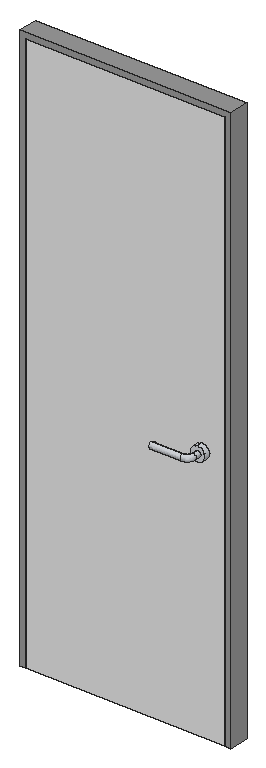
Revit family "- Armonia", category Doors, host Wall, Revit 2018
Family settings
  Host = Wall
  OmniClass Number = 23.30.10.00
  OmniClass Title = Doors
  Always vertical = Yes
  Cut with Voids When Loaded = No
  Shared = No
  Room Calculation Point = No
Parameters (values of type "- 70 x 200 cm")
  Set de Marcos = ""
  Relleno = ""
  Material Marco = - Perfil Aluminio
  Material Hoja = - HDF Prefinish
  Manilla = - Manilla
  Hojas = "Simple de Abatir"
  Function = Interior
  Frame Projection Ext. = 2.50 cm
  Frame Projection Int. = 2.50 cm
  Frame Width = 7.50 cm
  Height = 200.00 cm
  Wall Closure = By host
  Width = 74.00 cm
  Distancia a Cara Interior = 6.00 cm
  Bisagras = ""
  Ancho Hoja = Width - 4.00 cm  # 70.00 cm
  Ancho = Width  # 74.00 cm
  Analytic Construction = "<None>"
  Alto = Height  # 200.00 cm
Types (12, lengths in cm): name | Material Hoja | Height | Width | Ancho Hoja | Ancho | Alto
  - 70 x 200 cm | - HDF Prefinish | 200.00 | 74.00 | 70.00 | 74.00 | 200.00
  - 75 x 200 cm | none | 200.00 | 79.00 | 75.00 | 79.00 | 200.00
  - 80 x 200 cm | none | 200.00 | 84.00 | 80.00 | 84.00 | 200.00
  - 85 x 200 cm | none | 200.00 | 89.00 | 85.00 | 89.00 | 200.00
  - 90 x 200 cm | none | 200.00 | 94.00 | 90.00 | 94.00 | 200.00
  -100 x 200 cm | none | 200.00 | 104.00 | 100.00 | 104.00 | 200.00
  - 70 x 210 cm | none | 210.00 | 74.00 | 70.00 | 74.00 | 210.00
  - 75 x 210 cm | none | 210.00 | 79.00 | 75.00 | 79.00 | 210.00
  - 80 x 210 cm | none | 210.00 | 84.00 | 80.00 | 84.00 | 210.00
  - 85 x 210 cm | none | 210.00 | 89.00 | 85.00 | 89.00 | 210.00
  - 90 x 210 cm | - HDF Prefinish | 210.00 | 94.00 | 90.00 | 94.00 | 210.00
  - 100 x 210 cm | - HDF Siena | 210.00 | 104.00 | 100.00 | 104.00 | 210.00
Reference planes (cm)
  plane 1: y = 0
  plane 2 "Center (Left/Right)": x = 0
  plane 3 "Left": x = -37
  plane 4 "Right": x = 37
  plane 5: z = 200
  plane 6 "Exterior": y = 7.5
  plane 7 "Interior": y = -7.5
  plane 8: y = -1.5
  plane 9: z = 198
  plane 10: x = -35
  plane 11: x = 35
Forms (cm)
  Sweep 1, solid, material "- Perfil Aluminio" <- "Material Marco"
    path origin (0, 7.5, 0) x (1, 0, 0) y (0, 0, 1)
      loop
        line (37, 0) -> (37, 200) -> (-37, 200) -> (-37, 0)
    profile origin (37, 7.5, 100) x (-1, 0, 0) y (0, -1, 0)
      loop
        line (0, 2) -> (3, 2) -> (3, 4.3) -> (2, 4.3) -> (2, 9) -> (0, 9) -> (0, 2)
  Extrusion 2, solid, material "- HDF Prefinish" <- "Material Hoja"
    sketch origin (0, 0, 0) x (1, 0, 0) y (0, 1, 0)
      loop
        line (-35, -1.5) -> (35, -1.5) -> (35, 3) -> (-35, 3) -> (-35, -1.5)
    from 0 to 198
  Sweep 3, solid, material "- Manilla" <- "Manilla", not visible
    path origin (5.8483, -7.5601, 0) x (1, 0, 0) y (0, 1, 0)
      loop
        line (22.1517, 15.0613) -> (32.1517, 15.0613)
        arc (32.1517, 15.0613) -> (33.5659, 14.4756) -> (34.1517, 13.0613) r 2
        line (34.1517, 13.0613) -> (34.1517, 11.0613)
    profile origin (33, 7.5012, 0) x (0, 1, 0) y (0, 0, 1)
      loop
        circle (0, 90) r 1
  Extrusion 4, solid, material "- Manilla" <- "Manilla", not visible
    sketch origin (0, 7.5, 0) x (1, 0, 0) y (0, 0, 1)
      loop
        circle (40, 90) r 2.5
    from 3.9988 to 5
Lines and regions (cm)
  Opening 1
    outline origin (-305, -7.5, 0) x (1, 0, 0) y (0, 0, 1)
      loop
        line (268, 0) -> (342, 0) -> (342, 200) -> (268, 200) -> (268, 0)
  symbolic lines, style "Elevation Swing"
    curve 1: line (37, -7.5, 100) -> (-37, -7.5, 200)
    curve 2: line (37, -7.5, 100) -> (-37, -7.5, 0)
    curve 7: arc (-30.5, -71.5, 0) -> (16.4351, -49.6961, 0) -> (35.2887, -1.5001, 0) r 69.4994
  symbolic lines
    curve 3: line (-35, -1.5, 0) -> (-35, -71.5, 0)
    curve 4: line (-30.5, -1.5, 0) -> (-35, -1.5, 0)
    curve 5: line (-30.5, -71.5, 0) -> (-30.5, -1.5, 0)
    curve 6: line (-35, -71.5, 0) -> (-30.5, -71.5, 0)
  model lines, not visible
    curve 8: line (-20, 3, 25) -> (20, 3, 25)
    curve 9: line (-20, 3, 65) -> (-20, 3, 25)
    curve 10: line (20, 3, 65) -> (8.6603, 3, 65)
    curve 11: line (20, 3, 25) -> (20, 3, 65)
    curve 12: line (-20, 3, 75) -> (-8.6603, 3, 75)
    curve 13: line (-20, 3, 75) -> (-20, 3, 169.9666)
    curve 14: line (20, 3, 75) -> (20, 3, 169.9666)
    curve 15: arc (-8.6603, 3, 65) -> (0, 3, 60) -> (8.6603, 3, 65) r 10
    curve 16: line (8.6603, 3, 75) -> (20, 3, 75)
    curve 17: line (-8.6603, 3, 65) -> (-20, 3, 65)
    curve 18: arc (8.6603, 3, 75) -> (0, 3, 80) -> (-8.6603, 3, 75) r 10
    curve 19: arc (14.9666, 3, 175) -> (0, 3, 183) -> (-14.9666, 3, 175) r 18
    curve 20: arc (-20, 3, 169.9666) -> (-16.4409, 3, 171.4409) -> (-14.9666, 3, 175) r 5.0334
    curve 21: arc (14.9666, 3, 175) -> (16.4409, 3, 171.4409) -> (20, 3, 169.9666) r 5.0334
    curve 22: line (-9.2195, 3, 64) -> (-19, 3, 64)
    curve 23: line (-19, 3, 64) -> (-19, 3, 26)
    curve 24: arc (9.2195, 3, 64) -> (0, 3, 59) -> (-9.2195, 3, 64) r 11
    curve 25: line (19, 3, 64) -> (9.2195, 3, 64)
    curve 26: line (19, 3, 26) -> (19, 3, 64)
    curve 27: line (-19, 3, 26) -> (19, 3, 26)
    curve 28: line (-18.9928, 3, 168.9932) -> (-18.9928, 3, 76)
    curve 29: arc (-13.9941, 3, 174.9045) -> (-15.4113, 3, 171.0338) -> (-18.9928, 3, 168.9932) r 5.9946
    curve 30: arc (13.9971, 3, 174.7848) -> (0.0327, 3, 182.1538) -> (-13.9941, 3, 174.9045) r 17.0542
    curve 31: arc (19, 3, 169.1276) -> (15.4988, 3, 171.072) -> (13.9971, 3, 174.7848) r 6.0089
    curve 32: line (19, 3, 76) -> (19, 3, 169.1276)
    curve 33: line (9.2195, 3, 76) -> (19, 3, 76)
    curve 34: arc (-9.2195, 3, 76) -> (0, 3, 81) -> (9.2195, 3, 76) r 11
    curve 35: line (-18.9928, 3, 76) -> (-9.2195, 3, 76)
    curve 36: arc (12.052, 3, 174.0667) -> (0.0498, 3, 180.1537) -> (-12.0243, 3, 174.2107) r 15.0542
    curve 37: arc (-12.0243, 3, 174.2107) -> (-13.561, 3, 170.1508) -> (-16.9928, 3, 167.4925) r 7.9946
    curve 38: line (-16.9928, 3, 167.4925) -> (-16.9928, 3, 78)
    curve 39: line (17, 3, 78) -> (17, 3, 167.6269)
    curve 40: arc (17, 3, 167.6269) -> (13.6492, 3, 170.1731) -> (12.052, 3, 174.0667) r 8.0089
    curve 41: line (-16.9928, 3, 78) -> (-10.247, 3, 78)
    curve 42: arc (-10.247, 3, 78) -> (0, 3, 83) -> (10.247, 3, 78) r 13
    curve 43: line (10.247, 3, 78) -> (17, 3, 78)
    curve 44: line (-10.247, 3, 62) -> (-17, 3, 62)
    curve 45: arc (10.247, 3, 62) -> (0, 3, 57) -> (-10.247, 3, 62) r 13
    curve 46: line (17, 3, 62) -> (10.247, 3, 62)
    curve 47: line (17, 3, 28) -> (17, 3, 62)
    curve 48: line (-17, 3, 28) -> (17, 3, 28)
    curve 49: line (-17, 3, 62) -> (-17, 3, 28)
    curve 50: line (-314, -1.5, 25) -> (-274, -1.5, 25)
    curve 51: line (-314, -1.5, 65) -> (-314, -1.5, 25)
    curve 52: line (-274, -1.5, 25) -> (-274, -1.5, 65)
    curve 53: line (-314, -1.5, 70) -> (-274, -1.5, 70)
    curve 54: line (-314, -1.5, 70) -> (-314, -1.5, 87)
    curve 55: line (-274, -1.5, 70) -> (-274, -1.5, 87)
    curve 56: line (-274, -1.5, 65) -> (-314, -1.5, 65)
    curve 57: line (-275, -1.5, 64) -> (-313, -1.5, 64)
    curve 58: line (-313, -1.5, 64) -> (-313, -1.5, 26)
    curve 59: line (-275, -1.5, 26) -> (-275, -1.5, 64)
    curve 60: line (-313, -1.5, 26) -> (-275, -1.5, 26)
    curve 61: line (-312.9928, -1.5, 86) -> (-312.9928, -1.5, 71)
    curve 62: line (-275, -1.5, 71) -> (-275, -1.5, 86)
    curve 63: line (-312.9928, -1.5, 71) -> (-275, -1.5, 71)
    curve 64: line (-310.9928, -1.5, 84) -> (-310.9928, -1.5, 73)
    curve 65: line (-277, -1.5, 73) -> (-277, -1.5, 84)
    curve 66: line (-310.9928, -1.5, 73) -> (-277, -1.5, 73)
    curve 67: line (-277, -1.5, 62) -> (-311, -1.5, 62)
    curve 68: line (-277, -1.5, 28) -> (-277, -1.5, 62)
    curve 69: line (-311, -1.5, 28) -> (-277, -1.5, 28)
    curve 70: line (-311, -1.5, 62) -> (-311, -1.5, 28)
    curve 71: line (-310.9928, -1.5, 84) -> (-277, -1.5, 84)
    curve 72: line (-314, -1.5, 87) -> (-274, -1.5, 87)
    curve 73: line (-312.9928, -1.5, 86) -> (-275, -1.5, 86)
    curve 74: line (-310.9928, -1.5, 84) -> (-277, -1.5, 84)
    curve 75: line (-314, -1.5, 97) -> (-274, -1.5, 97)
    curve 76: line (-314, -1.5, 185) -> (-314, -1.5, 97)
    curve 77: line (-274, -1.5, 97) -> (-274, -1.5, 185)
    curve 78: line (-274, -1.5, 185) -> (-314, -1.5, 185)
    curve 79: line (-275, -1.5, 184) -> (-313, -1.5, 184)
    curve 80: line (-313, -1.5, 184) -> (-313, -1.5, 98)
    curve 81: line (-275, -1.5, 98) -> (-275, -1.5, 184)
    curve 82: line (-313, -1.5, 98) -> (-275, -1.5, 98)
    curve 83: line (-277, -1.5, 182) -> (-311, -1.5, 182)
    curve 84: line (-277, -1.5, 100) -> (-277, -1.5, 182)
    curve 85: line (-311, -1.5, 100) -> (-277, -1.5, 100)
    curve 86: line (-311, -1.5, 182) -> (-311, -1.5, 100)
    curve 87: line (-320, 3, 25) -> (-280, 3, 25)
    curve 88: line (-320, 3, 65) -> (-320, 3, 25)
    curve 89: line (-280, 3, 25) -> (-280, 3, 65)
    curve 90: line (-320, 3, 72.5) -> (-280, 3, 72.5)
    curve 91: line (-280, 3, 65) -> (-320, 3, 65)
    curve 92: line (-281, 3, 64) -> (-319, 3, 64)
    curve 93: line (-319, 3, 64) -> (-319, 3, 26)
    curve 94: line (-281, 3, 26) -> (-281, 3, 64)
    curve 95: line (-319, 3, 26) -> (-281, 3, 26)
    curve 96: line (-319, 3, 73.5) -> (-281, 3, 73.5)
    curve 97: line (-317, 3, 75.5) -> (-283, 3, 75.5)
    curve 98: line (-283, 3, 62) -> (-317, 3, 62)
    curve 99: line (-283, 3, 28) -> (-283, 3, 62)
    curve 100: line (-317, 3, 28) -> (-283, 3, 28)
    curve 101: line (-317, 3, 62) -> (-317, 3, 28)
    curve 102: line (-320, 3, 179.3431) -> (-320, 3, 72.5)
    curve 103: line (-280, 3, 72.5) -> (-280, 3, 179.3431)
    curve 104: line (-319, 3, 178.3431) -> (-319, 3, 73.5)
    curve 105: line (-281, 3, 73.5) -> (-281, 3, 178.3431)
    curve 106: line (-283, 3, 75.5) -> (-283, 3, 176.3431)
    curve 107: line (-317, 3, 176.3431) -> (-317, 3, 75.5)
    curve 108: arc (-292, 3, 181) -> (-300, 3, 185) -> (-308, 3, 181) r 10
    curve 109: arc (-292, 3, 181) -> (-290.1648, 3, 179.7737) -> (-288, 3, 179.3431) r 5.6569
    curve 110: arc (-308, 3, 181) -> (-309.8352, 3, 179.7737) -> (-312, 3, 179.3431) r 5.6569
    curve 111: line (-288, 3, 179.3431) -> (-280, 3, 179.3431)
    curve 112: line (-312, 3, 179.3431) -> (-320, 3, 179.3431)
    curve 113: line (-281, 3, 178.3431) -> (-288, 3, 178.3431)
    curve 114: arc (-288, 3, 178.3431) -> (-290.5825, 3, 178.8645) -> (-292.7604, 3, 180.3468) r 6.6569
    curve 115: arc (-292.7604, 3, 180.3468) -> (-300, 3, 184) -> (-307.2396, 3, 180.3468) r 9
    curve 116: arc (-307.2396, 3, 180.3468) -> (-309.4175, 3, 178.8645) -> (-312, 3, 178.3431) r 6.6569
    curve 117: line (-312, 3, 178.3431) -> (-319, 3, 178.3431)
    curve 118: line (-283, 3, 176.3431) -> (-288, 3, 176.3431)
    curve 119: arc (-288, 3, 176.3431) -> (-291.43, 3, 177.0516) -> (-294.2985, 3, 179.0611) r 8.6569
    curve 120: arc (-294.2985, 3, 179.0611) -> (-300, 3, 182) -> (-305.7015, 3, 179.0611) r 7
    curve 121: arc (-305.7015, 3, 179.0611) -> (-308.57, 3, 177.0516) -> (-312, 3, 176.3431) r 8.6569
    curve 122: line (-312, 3, 176.3431) -> (-317, 3, 176.3431)
    curve 123: line (302, -1.5, 25) -> (342, -1.5, 25)
    curve 124: line (303, -1.5, 26) -> (341, -1.5, 26)
    curve 125: line (304.9998, -1.5, 28) -> (339.0011, -1.5, 28)
    curve 126: line (302, -1.5, 185) -> (302, -1.5, 25)
    curve 127: line (342, -1.5, 25) -> (342, -1.5, 185)
    curve 128: line (303, -1.5, 184) -> (303, -1.5, 26)
    curve 129: line (341, -1.5, 26) -> (341, -1.5, 184)
    curve 130: line (339.0011, -1.5, 28) -> (339.0011, -1.5, 182)
    curve 131: line (304.9998, -1.5, 182) -> (304.9998, -1.5, 28)
    curve 135: line (306, 3, 25) -> (346, 3, 25)
    curve 136: line (306, 3, 207) -> (306, 3, 0)
    curve 137: line (346, 3, 0) -> (346, 3, 207)
    curve 139: line (346, 3, 185) -> (306, 3, 185)
    curve 140: line (302, -1.5, 185) -> (342, -1.5, 185)
    curve 141: line (341, -1.5, 184) -> (303, -1.5, 184)
    curve 142: line (339.0011, -1.5, 182) -> (304.9998, -1.5, 182)
  model lines
    curve 132: line (-20, 3, 15) -> (20, 3, 15)
    curve 133: line (-20, 3, 197) -> (-20, 3, 0)
    curve 134: line (20, 3, 0) -> (20, 3, 197)
    curve 138: line (20, 3, 182) -> (-20, 3, 182)
    curve 143: line (6.6667, 3, 15) -> (6.6667, 3, 182)
    curve 144: line (-6.6667, 3, 15) -> (-6.6667, 3, 182)
    curve 145: line (-20, -1.5, 15) -> (20, -1.5, 15)
    curve 146: line (-20, -1.5, 198) -> (-20, -1.5, 0)
    curve 147: line (20, -1.5, 0) -> (20, -1.5, 198)
    curve 148: line (20, -1.5, 183) -> (-20, -1.5, 183)
    curve 149: line (6.6667, -1.5, 15) -> (6.6667, -1.5, 183)
    curve 150: line (-6.6667, -1.5, 15) -> (-6.6667, -1.5, 183)
Text (cm)
  text "Exterior" at (-229.5016, 109.9543, 0), in view "Ref. Level"
  text "Exterior" at (0, 161.538, 369.8081), in view "Left"
  text "Exterior" at (0, 103.6032, 387.4932), in view "Right"
Dimensions and locks (cm)
  equal spacing: plane 3 "Left", plane 2 "Center (Left/Right)", plane 4 "Right"
  "Width": plane 3 "Left" to plane 4 "Right"
  "Height": plane 5 to host wall
  equal spacing: host wall, curve 2, plane 5
  host wall to plane 5 = 200.00 cm
  locked: plane 6 "Exterior" to host wall at 0
  locked: plane 7 "Interior" to host wall
  "Distancia a Cara Interior": plane 7 "Interior" to plane 8
  locked: Sweep 1 sketch curve to Sweep 1 sketch curve at 7
  locked: plane 9 to plane 5 at 2
  locked: curve 3 to curve 5 at 4.5
  locked: plane 3 "Left" to plane 10 at 2
  locked: plane 11 to plane 4 "Right" at 2
  "Ancho Hoja": curve 6 to curve 4
  locked: Extrusion 2 sketch curve to Extrusion 2 sketch curve at 4.5
  locked: nested 1 to plane 4 "Right" at 10
  level to nested 1 = 90.00 cm
  locked: nested 2 to plane 4 "Right" at 10
  locked: nested 2 to level at 90
  locked: Sweep 1 sketch curve to Sweep 1 sketch curve at 2.3
  locked: plane 2 "Center (Left/Right)" to curve 133 at 20
  locked: curve 138 to Sweep 1 at 15
  locked: Extrusion 2 to curve 132 at 15
  curve 133 to curve 144 to curve 143 to curve 134 = 13.3333 cm locked, 13.3333 cm locked, 13.3333 cm locked
  Extrusion 2 to curve 148 = 15.00 cm
  locked: curve 145 to Extrusion 2 at 15
  equal spacing: curve 146, curve 150, curve 149, curve 147
  locked: curve 147 to plane 2 "Center (Left/Right)" at 20
  aligned and locked: plane 3 "Left" to Opening 1 sketch curve
  aligned and locked: plane 5 to Opening 1 sketch curve  (x2)
  aligned and locked: Opening 1 sketch curve to plane 4 "Right"
  aligned and locked: Opening 1 sketch curve to level
  aligned and locked: plane 5 to curve 1
  aligned and locked: plane 3 "Left" to curve 2
  aligned and locked: plane 1 to host wall
  aligned and locked: plane 3 "Left" to curve 1
  aligned and locked: plane 8 to Sweep 1 sketch curve
  aligned and locked: Extrusion 2 sketch curve to plane 8
  aligned and locked: Sweep 1 to level
  aligned and locked: plane 10 to curve 3
  aligned and locked: Sweep 3 to Extrusion 4
  aligned and locked: Extrusion 2 to plane 9
Automatic sketch dimensions
  plane 4 "Right" to curve 2 = 0.00 cm
  curve 2 to level = 0.00 cm
  plane 3 "Left" to Sweep 1 sketch curve = 0.00 cm
  plane 4 "Right" to Sweep 1 sketch curve = 0.00 cm
  Sweep 1 sketch curve to level = 0.00 cm  (x2)
  Sweep 1 sketch curve to plane 5 = 0.00 cm
  Sweep 1 sketch curve to profile plane = 0.00 cm
  Sweep 1 sketch curve to profile plane = 2.00 cm
  Sweep 1 sketch curve to Sweep 1 sketch curve = 1.00 cm
  Sweep 3 sketch curve to Sweep 3 sketch curve = 10.00 cm
  Sweep 3 sketch curve to Sweep 3 sketch curve = 2.00 cm  (x2)
  Sweep 3 sketch curve to profile plane = 0.00 cm
  profile plane to Sweep 3 sketch curve = 90.00 cm
  curve 15 to curve 18 = 0.00 cm  (x4)
  curve 15 to curve 24 = 0.00 cm  (x4)
  curve 15 to curve 34 = 0.00 cm  (x4)
  curve 15 to curve 42 = 0.00 cm  (x4)
  curve 15 to curve 45 = 0.00 cm  (x4)
  curve 29 to curve 37 = 0.00 cm  (x4)
  curve 30 to curve 36 = 0.00 cm  (x4)
  curve 31 to curve 40 = 0.00 cm  (x4)
  curve 8 to curve 31 = 0.00 cm
  curve 21 to curve 31 = 0.00 cm
  curve 14 to curve 32 = 1.00 cm
  curve 10 to curve 26 = 1.00 cm
  curve 26 to curve 47 = 2.00 cm
  curve 32 to curve 39 = 2.00 cm
  curve 46 to curve 46 = 6.753 cm
  curve 39 to curve 43 = 6.753 cm
  curve 42 to curve 33 = 1.0274 cm
  curve 45 to curve 25 = 1.0274 cm
  curve 33 to curve 16 = 0.5593 cm
  curve 24 to curve 10 = 0.5593 cm
  curve 16 to curve 24 = 8.6603 cm
  curve 39 to curve 19 = 17.00 cm
  curve 19 to curve 36 = 0.0402 cm
  curve 15 to curve 12 = 8.6603 cm
  curve 15 to curve 17 = 8.6603 cm
  curve 15 to curve 22 = 0.5593 cm
  curve 12 to curve 35 = 0.5593 cm
  curve 22 to curve 44 = 1.0274 cm
  curve 34 to curve 41 = 1.0274 cm
  curve 41 to curve 38 = 6.7459 cm
  curve 47 to curve 48 = 34.00 cm
  curve 38 to curve 35 = 2.00 cm
  curve 44 to curve 22 = 2.00 cm
  curve 28 to curve 29 = 0.9959 cm
  curve 29 to curve 20 = 0.0113 cm
  curve 22 to curve 17 = 1.00 cm
  curve 8 to curve 26 = 1.00 cm
  curve 23 to curve 49 = 2.00 cm
  curve 48 to curve 49 = 34.00 cm
  curve 45 to curve 25 = 2.00 cm
  curve 25 to curve 10 = 1.00 cm
  curve 10 to curve 45 = 5.00 cm
  curve 10 to curve 16 = 10.00 cm
  curve 12 to curve 35 = 1.00 cm
  curve 34 to curve 41 = 2.00 cm
  curve 41 to curve 19 = 87.00 cm
  curve 19 to curve 30 = 0.0997 cm
  curve 36 to curve 38 = 2.3928 cm
  curve 19 to curve 39 = 2.6269 cm
  curve 37 to curve 28 = 1.5007 cm
  curve 39 to curve 32 = 1.5007 cm
  curve 28 to curve 13 = 0.9734 cm
  curve 31 to curve 14 = 0.839 cm
  curve 13 to curve 29 = 4.9378 cm
  curve 29 to curve 20 = 0.0955 cm
  curve 21 to curve 40 = 0.0527 cm
  curve 31 to curve 36 = 1.9451 cm
  curve 55 to curve 62 = 1.4142 cm
  curve 59 to curve 68 = 2.8284 cm
  curve 62 to curve 65 = 2.8284 cm
  curve 53 to curve 63 = 1.4142 cm
  curve 57 to curve 67 = 2.8284 cm
  curve 66 to curve 64 = 33.9928 cm
  curve 68 to curve 69 = 34.00 cm
  curve 64 to curve 63 = 2.8284 cm
  curve 67 to curve 57 = 2.8284 cm
  curve 57 to curve 56 = 1.4142 cm
  curve 50 to curve 59 = 1.4142 cm
  curve 58 to curve 70 = 2.8284 cm
  curve 69 to curve 70 = 34.00 cm  (x2)
  curve 53 to curve 63 = 1.4193 cm
  curve 65 to curve 62 = 2.8284 cm
  curve 61 to curve 54 = 1.4193 cm
  curve 18 to curve 24 = 0.00 cm  (x2)
  curve 18 to curve 34 = 0.00 cm  (x2)
  curve 18 to curve 42 = 0.00 cm  (x2)
  curve 18 to curve 45 = 0.00 cm  (x2)
  curve 24 to curve 34 = 0.00 cm  (x2)
  curve 24 to curve 42 = 0.00 cm  (x2)
  curve 24 to curve 45 = 0.00 cm  (x2)
  curve 34 to curve 42 = 0.00 cm  (x2)
  curve 34 to curve 45 = 0.00 cm  (x2)
  curve 42 to curve 45 = 0.00 cm  (x2)
  curve 72 to curve 51 = 0.00 cm
  curve 75 to curve 54 = 0.00 cm
  curve 76 to curve 79 = 1.00 cm
  curve 51 to curve 57 = 1.00 cm
  curve 53 to curve 63 = 1.0072 cm
  curve 79 to curve 86 = 2.00 cm
  curve 58 to curve 70 = 2.00 cm
  curve 61 to curve 66 = 2.00 cm
  curve 64 to curve 65 = 33.9928 cm
  curve 69 to curve 69 = 34.00 cm
  curve 85 to curve 65 = 0.00 cm
  curve 68 to curve 60 = 2.00 cm
  curve 65 to curve 63 = 2.00 cm
  curve 84 to curve 82 = 2.00 cm
  curve 62 to curve 55 = 1.00 cm
  curve 57 to curve 56 = 1.00 cm  (x2)
  curve 79 to curve 78 = 1.00 cm  (x2)
  curve 50 to curve 59 = 1.00 cm
  curve 59 to curve 68 = 2.00 cm
  curve 67 to curve 57 = 2.00 cm
  curve 52 to curve 53 = 5.00 cm
  curve 53 to curve 63 = 1.00 cm
  curve 62 to curve 66 = 2.00 cm
  curve 65 to curve 71 = 11.00 cm
  curve 65 to curve 62 = 2.00 cm
  curve 62 to curve 72 = 1.00 cm
  curve 55 to curve 75 = 10.00 cm
  curve 75 to curve 82 = 1.00 cm
  curve 81 to curve 84 = 2.00 cm
  curve 84 to curve 84 = 82.00 cm
  curve 83 to curve 79 = 2.00 cm
  curve 87 to curve 90 = 0.00 cm
  curve 103 to curve 105 = 1.00 cm
  curve 89 to curve 92 = 1.00 cm
  curve 105 to curve 106 = 2.00 cm
  curve 92 to curve 99 = 2.00 cm
  curve 98 to curve 98 = 34.00 cm
  curve 106 to curve 107 = 34.00 cm
  curve 97 to curve 96 = 2.00 cm
  curve 98 to curve 92 = 2.00 cm
  curve 96 to curve 102 = 1.00 cm
  curve 92 to curve 91 = 1.00 cm
  curve 87 to curve 94 = 1.00 cm
  curve 94 to curve 99 = 2.00 cm
  curve 100 to curve 101 = 34.00 cm
  curve 98 to curve 93 = 2.00 cm
  curve 92 to curve 89 = 1.00 cm
  curve 89 to curve 103 = 7.50 cm
  curve 90 to curve 105 = 1.00 cm
  curve 96 to curve 106 = 2.00 cm
  curve 97 to curve 107 = 100.8431 cm
  curve 106 to curve 107 = 0.00 cm
  curve 106 to curve 105 = 2.00 cm
  curve 105 to curve 103 = 1.00 cm
  curve 127 to curve 129 = 1.4142 cm
  curve 129 to curve 130 = 2.8276 cm
  curve 130 to curve 131 = 34.0013 cm  (x2)
  curve 130 to curve 129 = 2.8276 cm
  curve 131 to curve 128 = 2.8283 cm
  curve 129 to curve 127 = 1.4142 cm
  curve 128 to curve 126 = 1.4142 cm
  curve 108 to curve 115 = 0.00 cm  (x4)
  curve 108 to curve 120 = 0.00 cm  (x4)
  curve 109 to curve 114 = 0.00 cm  (x3)
  curve 109 to curve 119 = 0.00 cm  (x4)
  curve 110 to curve 116 = 0.00 cm  (x3)
  curve 110 to curve 121 = 0.00 cm  (x3)
  curve 114 to curve 119 = 0.00 cm  (x3)
  curve 116 to curve 121 = 0.00 cm  (x4)
  curve 106 to curve 111 = 5.00 cm
  curve 118 to curve 115 = 12.00 cm
  curve 110 to curve 104 = 7.00 cm
  curve 115 to curve 106 = 1.3431 cm
  curve 122 to curve 117 = 2.00 cm
  curve 117 to curve 112 = 1.00 cm
  curve 110 to curve 121 = 5.6569 cm
  curve 111 to curve 109 = 5.6569 cm
  curve 109 to curve 109 = 4.00 cm
  curve 108 to curve 115 = 0.7604 cm
  curve 115 to curve 119 = 1.5381 cm
  curve 115 to curve 120 = 0.00 cm  (x2)
  curve 130 to curve 129 = 2.00 cm
  curve 141 to curve 127 = 1.00 cm
  curve 126 to curve 141 = 1.00 cm
  curve 128 to curve 131 = 1.9998 cm
  curve 131 to curve 142 = 34.0013 cm
  curve 125 to curve 124 = 1.9989 cm
  curve 124 to curve 123 = 1.00 cm
  curve 123 to curve 124 = 1.00 cm
  curve 124 to curve 125 = 2.00 cm
  curve 125 to curve 131 = 154.00 cm
  curve 134 to curve 133 = 40.00 cm
  curve 133 to curve 134 = 40.00 cm
  curve 134 to curve 132 = 15.00 cm
  curve 132 to curve 138 = 167.00 cm
  curve 138 to curve 134 = 15.00 cm
  curve 138 to curve 133 = 15.00 cm
  curve 137 to curve 136 = 40.00 cm
  curve 136 to curve 137 = 0.00 cm
  curve 137 to curve 135 = 25.00 cm
  curve 135 to curve 139 = 160.00 cm
  curve 139 to curve 137 = 22.00 cm
  curve 139 to curve 136 = 22.00 cm
  curve 4 to plane 8 = 0.00 cm
  curve 7 to plane 10 = 0.7919 cm
  curve 7 to plane 8 = 0.5996 cm
  curve 7 to plane 8 = 0.0001 cm
  Extrusion 2 sketch curve to plane 10 = 0.00 cm
  Extrusion 2 sketch curve to plane 11 = 0.00 cm
  curve 134 to Extrusion 2 = 0.00 cm
  curve 133 to Extrusion 2 = 0.00 cm
  Extrusion 2 to curve 134 = 15.00 cm
  Extrusion 2 to curve 133 = 1.00 cm
  Extrusion 2 to curve 134 = 1.00 cm
  curve 146 to Extrusion 2 = 0.00 cm  (x2)
  curve 147 to Extrusion 2 = 0.00 cm  (x2)
  curve 145 to curve 150 = 13.3333 cm
  radius of Sweep 3 sketch curve = 1.00 cm
  radius of Extrusion 4 sketch curve = 2.50 cm
Nested families (cm)
  nested 1: "- Manilla Generica Puerta" at (27, 3, 90) x (0, 0, -1) z (0, 1, 0), type "- Manilla Generica Puerta"
  nested 2: "- Manilla Generica Puerta" at (27, -1.5, 90) x (0, 0, -1) z (0, -1, 0), type "- Manilla Generica Puerta"
Definition of nested family "- Manilla Generica Puerta"
  Parameters (values of type "- Manilla Generica Puerta")
    Manilla = none
    Default Elevation = 121.92 cm
  Reference planes (cm)
    plane 1 "Center (Front/Back)": y = 0
    plane 2: z = 0
    plane 3 "Center (Left/Right)": x = 0
    plane 4: z = 2
  Forms (cm)
    Extrusion 1, solid
      sketch origin (0, 0, 0) x (1, 0, 0) y (0, 1, 0)
        loop
          line (-121.92, 121.92) -> (-121.92, -121.92) -> (121.92, -121.92) -> (121.92, 121.92) -> (-121.92, 121.92)
      from 0 to -30.48
    Extrusion 2, solid, material <- "Manilla"
      sketch origin (0, 0, 0) x (1, 0, 0) y (0, 1, 0)
        loop
          circle (0, 0) r 2.5
      from 0 to 2
    Sweep 3, solid, material <- "Manilla"
      path origin (0, 0, 0) x (0, 1, 0) y (0, 0, 1)
        loop
          line (0, 2) -> (0, 4)
          arc (0, 4) -> (0.5858, 5.4142) -> (2, 6) r 2
          line (2, 6) -> (13, 6)
      profile origin (0, 0, 3) x (0, -1, 0) y (1, 0, 0)
        loop
          circle (0, 0) r 1
  Dimensions and locks (cm)
    locked: Extrusion 2 to Extrusion 2 at 2
    locked: plane 4 to level at 2
    aligned and locked: plane 2 to Extrusion 1
    aligned and locked: level to Extrusion 1
    aligned and locked: plane 4 to Sweep 3
